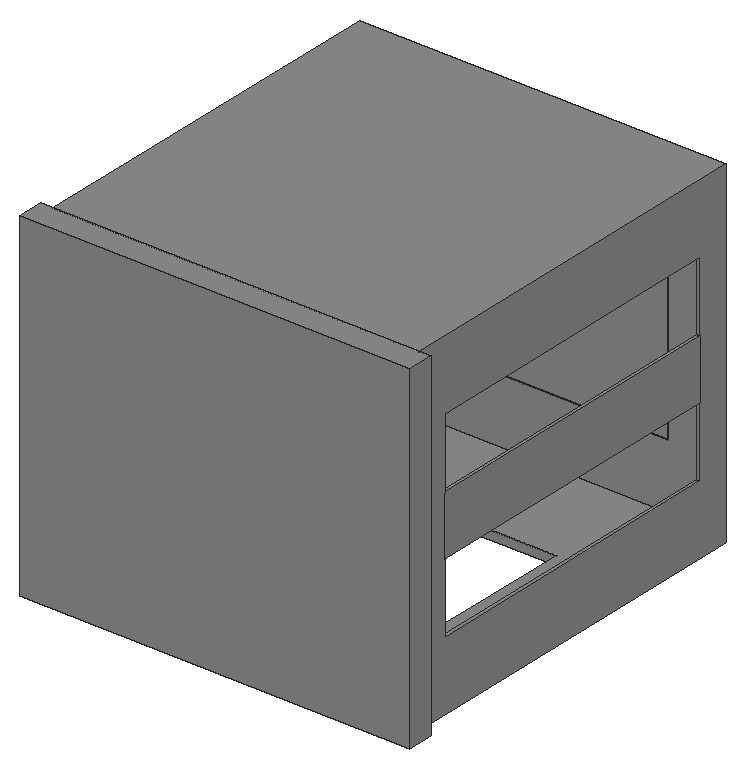
Revit family
Parameters (values of type "5-8 - Solid Door")
  ecoScorecard = "http://ecoscorecard.com"
  Warranty URL = "http://www.middleatlantic.com/warranty.htm"
  Usable Depth = 20.000"
  URL = "http://www.middleatlantic.com/"
  UL Listings = "400"  # constant formula
  Type Comments = ""
  Top Offset = 9.938"
  Technical Info URL = "http://www2.middleatlantic.com/specs/ae/96-037.aspx\r\n"
  Subcategory = "Communication Racks"  # constant formula
  Static Load Capacity = 1000.00 lbf  # constant formula
  Solid = yes
  Side Panels [instance] = no
  Side Panel Options = "Steel, thermolaminate"  # constant formula
  Seismic Certified Capacity = 1175.00 lbf  # constant formula
  Seismic Certifications = "UBC IBC CBC ASCE and NFPA Zone 4 and Use Group III"  # constant formula
  SMARTBIM URL = "http://www.SMARTBIM.com"
  SMARTBIM Object Version = 3  # constant formula
  SMARTBIM Object Created By = "SMARTBIM, LLC"  # constant formula
  SMARTBIM Contact = "mailto:SMARTBIM@SMARTBIM.com"
  Rackspaces = 8
  Racking Height = 14.000"
  Product Page URL = "http://www.middleatlantic.com/enclosure/knock/slim5.htm"
  Plexi = no
  Overall Width = 19.125"  # constant formula
  Overall Height = 17.750"
  Overall Depth = 20.000"
  No Door = no
  Model = "5-14"
  Material = "Steel"  # constant formula
  Manufacturer Toll Free Phone = "800-266-7225"  # constant formula
  Manufacturer Phone = "(973) 839-1011"  # constant formula
  Manufacturer Fax = "(973) 831-4982"  # constant formula
  Manufacturer Email = "mailto:info@middleatlantic.com"
  Manufacturer Address = "300 Fairfield Road, Fairfield, NJ 07004, U.S.A."  # constant formula
  Manufacturer = "Middle Atlantic Products, Inc."  # constant formula
  Keynote = ""
  Electrical Knockout Sizes = "1/2”, 3/4”"  # constant formula
  Door Height = Overall Height - (2 * 1.884")  # 13.982"
  Description = "14 SPACE (24 1/2”) READY-TO-ASSEMBLE RACK FRAME, 20\" DEEP\r\n"
  Cost Info = "info@middleatlantic.com"
  Color Availability = "Black textured powdercoat"  # constant formula
  Assembly Code = "D5030600"
  95 CSI = "16700"  # constant formula
  04 CSI = "27 11 16"  # constant formula
Types (36): name | Usable Depth | Top Offset | Solid | Rackspaces | Racking Height | Plexi | Overall Height | Overall Depth | No Door | Model | Door Height | Description
  5-8 - Plexi Door | 20.000" | 9.938" | no | 8 | 14.000" | yes | 17.750" | 20.000" | no | "5-14" | 13.982" | "14 SPACE (24 1/2”) READY-TO-ASSEMBLE RACK FRAME, 20\" DEEP\r\n"
  5-14-26 - Plexi Door | 26.000" | 13.438" | no | 14 | 24.500" | yes | 28.250" | 26.000" | no | "5-14-26" | 24.482" | "14 SPACE (24 1/2”) READY-TO-ASSEMBLE RACK FRAME, 26\" DEEP"
  5-21-26 - Plexi Door | 26.000" | 15.188" | no | 21 | 36.750" | yes | 40.500" | 26.000" | no | "5-21-26" | 36.732" | "21 SPACE (36 3/4”) READY-TO-ASSEMBLE RACK FRAME, 26” DEEP"
  5-29-26 - Plexi Door | 26.000" | 11.688" | no | 29 | 50.750" | yes | 54.500" | 26.000" | no | "5-29-26" | 50.732" | "29 SPACE (50 3/4”) READY-TO-ASSEMBLE RACK FRAME, 26” DEEP"
  5-43 - Plexi Door | 20.000" | 9.938" | no | 43 | 75.250" | yes | 79.000" | 20.000" | no | "5-43" | 75.232" | "43 SPACE (75 1/4”) READY-TO-ASSEMBLE RACK FRAME, 20” DEEP"
  5-21 - Plexi Door | 20.000" | 13.438" | no | 21 | 36.750" | yes | 40.500" | 20.000" | no | "5-21" | 36.732" | "21 SPACE (36 3/4”) READY-TO-ASSEMBLE RACK FRAME, 20” DEEP"
  5-29 - Plexi Door | 20.000" | 15.188" | no | 29 | 50.750" | yes | 54.500" | 20.000" | no | "5-29" | 50.732" | "29 SPACE (50 3/4”) READY-TO-ASSEMBLE RACK FRAME, 20” DEEP"
  5-37 - Plexi Door | 20.000" | 11.688" | no | 37 | 64.750" | yes | 68.500" | 20.000" | no | "5-37" | 64.732" | "37 SPACE (64 3/4”) READY-TO-ASSEMBLE RACK FRAME, 20” DEEP"
  5-43-26 - Plexi Door | 26.000" | 9.938" | no | 43 | 75.250" | yes | 79.000" | 26.000" | no | "5-43-26" | 75.232" | "43 SPACE (75 1/4”) READY-TO-ASSEMBLE RACK FRAME, 26” DEEP"
  5-37-26 - Plexi Door | 26.000" | 11.688" | no | 37 | 64.750" | yes | 68.500" | 26.000" | no | "5-37-26" | 64.732" | "37 SPACE (64 3/4”) READY-TO-ASSEMBLE RACK FRAME, 26” DEEP"
  5-8-26 - Plexi Door | 26.000" | 9.938" | no | 8 | 14.000" | yes | 17.750" | 26.000" | no | "5-8-26" | 13.982" | "8 SPACE (14”) READY-TO-ASSEMBLE RACK FRAME, 26” DEEP"
  5-14 - Plexi Door | 20.000" | 9.938" | no | 14 | 24.500" | yes | 28.250" | 20.000" | no | "5-14" | 24.482" | "14 SPACE (24 1/2”) READY-TO-ASSEMBLE RACK FRAME, 20\" DEEP\r\n"
  5-14 - Solid Door | 20.000" | 9.938" | yes | 14 | 24.500" | no | 28.250" | 20.000" | no | "5-14" | 24.482" | "14 SPACE (24 1/2”) READY-TO-ASSEMBLE RACK FRAME, 20\" DEEP\r\n"
  5-14-26 - Solid Door | 26.000" | 13.438" | yes | 14 | 24.500" | no | 28.250" | 26.000" | no | "5-14-26" | 24.482" | "14 SPACE (24 1/2”) READY-TO-ASSEMBLE RACK FRAME, 26\" DEEP"
  5-14 - No Door | 20.000" | 9.938" | no | 14 | 24.500" | no | 28.250" | 20.000" | yes | "5-14" | 24.482" | "14 SPACE (24 1/2”) READY-TO-ASSEMBLE RACK FRAME, 20\" DEEP\r\n"
  5-14-26 - No Door | 26.000" | 13.438" | no | 14 | 24.500" | no | 28.250" | 26.000" | yes | "5-14-26" | 24.482" | "14 SPACE (24 1/2”) READY-TO-ASSEMBLE RACK FRAME, 26\" DEEP"
  5-21 - Solid Door | 20.000" | 13.438" | yes | 21 | 36.750" | no | 40.500" | 20.000" | no | "5-21" | 36.732" | "21 SPACE (36 3/4”) READY-TO-ASSEMBLE RACK FRAME, 20” DEEP"
  5-21 - No Door | 20.000" | 13.438" | no | 21 | 36.750" | no | 40.500" | 20.000" | yes | "5-21" | 36.732" | "21 SPACE (36 3/4”) READY-TO-ASSEMBLE RACK FRAME, 20” DEEP"
  5-21-26 - Solid Door | 26.000" | 15.188" | yes | 21 | 36.750" | no | 40.500" | 26.000" | no | "5-21-26" | 36.732" | "21 SPACE (36 3/4”) READY-TO-ASSEMBLE RACK FRAME, 26” DEEP"
  5-21-26 - No Door | 26.000" | 15.188" | no | 21 | 36.750" | no | 40.500" | 26.000" | yes | "5-21-26" | 36.732" | "21 SPACE (36 3/4”) READY-TO-ASSEMBLE RACK FRAME, 26” DEEP"
  5-29 - Solid Door | 20.000" | 15.188" | yes | 29 | 50.750" | no | 54.500" | 20.000" | no | "5-29" | 50.732" | "29 SPACE (50 3/4”) READY-TO-ASSEMBLE RACK FRAME, 20” DEEP"
  5-29 - No Door | 20.000" | 15.188" | no | 29 | 50.750" | no | 54.500" | 20.000" | yes | "5-29" | 50.732" | "29 SPACE (50 3/4”) READY-TO-ASSEMBLE RACK FRAME, 20” DEEP"
  5-29-26 - Solid Door | 26.000" | 11.688" | yes | 29 | 50.750" | no | 54.500" | 26.000" | no | "5-29-26" | 50.732" | "29 SPACE (50 3/4”) READY-TO-ASSEMBLE RACK FRAME, 26” DEEP"
  5-29-26 - No Door | 26.000" | 11.688" | no | 29 | 50.750" | no | 54.500" | 26.000" | yes | "5-29-26" | 50.732" | "29 SPACE (50 3/4”) READY-TO-ASSEMBLE RACK FRAME, 26” DEEP"
  5-37 - Solid Door | 20.000" | 11.688" | yes | 37 | 64.750" | no | 68.500" | 20.000" | no | "5-37" | 64.732" | "37 SPACE (64 3/4”) READY-TO-ASSEMBLE RACK FRAME, 20” DEEP"
  5-37 - No Door | 20.000" | 11.688" | no | 37 | 64.750" | no | 68.500" | 20.000" | yes | "5-37" | 64.732" | "37 SPACE (64 3/4”) READY-TO-ASSEMBLE RACK FRAME, 20” DEEP"
  5-37-26 - Solid Door | 26.000" | 11.688" | yes | 37 | 64.750" | no | 68.500" | 26.000" | no | "5-37-26" | 64.732" | "37 SPACE (64 3/4”) READY-TO-ASSEMBLE RACK FRAME, 26” DEEP"
  5-37-26 - No Door | 26.000" | 11.688" | no | 37 | 64.750" | no | 68.500" | 26.000" | yes | "5-37-26" | 64.732" | "37 SPACE (64 3/4”) READY-TO-ASSEMBLE RACK FRAME, 26” DEEP"
  5-43 - Solid Door | 20.000" | 9.938" | yes | 43 | 75.250" | no | 79.000" | 20.000" | no | "5-43" | 75.232" | "43 SPACE (75 1/4”) READY-TO-ASSEMBLE RACK FRAME, 20” DEEP"
  5-43 - No Door | 20.000" | 9.938" | no | 43 | 75.250" | no | 79.000" | 20.000" | yes | "5-43" | 75.232" | "43 SPACE (75 1/4”) READY-TO-ASSEMBLE RACK FRAME, 20” DEEP"
  5-43-26 - Solid Door | 26.000" | 9.938" | yes | 43 | 75.250" | no | 79.000" | 26.000" | no | "5-43-26" | 75.232" | "43 SPACE (75 1/4”) READY-TO-ASSEMBLE RACK FRAME, 26” DEEP"
  5-43-26 - No Door | 26.000" | 9.938" | no | 43 | 75.250" | no | 79.000" | 26.000" | yes | "5-43-26" | 75.232" | "43 SPACE (75 1/4”) READY-TO-ASSEMBLE RACK FRAME, 26” DEEP"
  5-8 - Solid Door | 20.000" | 9.938" | yes | 8 | 14.000" | no | 17.750" | 20.000" | no | "5-14" | 13.982" | "14 SPACE (24 1/2”) READY-TO-ASSEMBLE RACK FRAME, 20\" DEEP\r\n"
  5-8 - No Door | 20.000" | 9.938" | no | 8 | 14.000" | no | 17.750" | 20.000" | yes | "5-14" | 13.982" | "14 SPACE (24 1/2”) READY-TO-ASSEMBLE RACK FRAME, 20\" DEEP\r\n"
  5-8-26 - Solid Door | 26.000" | 9.938" | yes | 8 | 14.000" | no | 17.750" | 26.000" | no | "5-8-26" | 13.982" | "8 SPACE (14”) READY-TO-ASSEMBLE RACK FRAME, 26” DEEP"
  5-8-26 - No Door | 26.000" | 9.938" | no | 8 | 14.000" | no | 17.750" | 26.000" | yes | "5-8-26" | 13.982" | "8 SPACE (14”) READY-TO-ASSEMBLE RACK FRAME, 26” DEEP"
Reference planes (in)
  plane 1 "Center (Front/Back)": y = 0
  plane 2 "Bottom": z = 0
  plane 3 "Center (Left/Right)": x = 0
  plane 4: y = 10
  plane 5: y = -10
  plane 6: x = -9.5625
  plane 7: x = 9.5625
  plane 8: z = 17.75
  plane 9: x = -8.125
  plane 10: x = 8.125
  plane 11: x = -8.1055
  plane 12: x = 8.1055
  plane 13: y = -8.68673
  plane 14: y = 8.68673
  plane 15: x = 8.8305
  plane 16: x = -6.9615
  plane 17: x = 6.9615
  plane 18: y = 9.263
  plane 19: y = -9.263
  plane 20: z = -13.188
  plane 21: z = 30.938
  plane 22: z = 14.115
  plane 23: z = 3.635
  plane 24: x = -9.4015
  plane 25: y = -18.67508
  plane 26: x = 9.4015
  plane 27: y = 9.839
  plane 28: y = -9.839
  plane 29: y = 27.798
  plane 30: z = 16.732
  plane 31: z = 14.982
  plane 32 "Bottom of Void": z = 0.5
  plane 33 "Top of Void": z = 17.25
  plane 34: y = 8.335
  plane 35: y = -8.335
  plane 36: z = 8.875
  plane 37: z = 10.4375
  plane 38: z = 7.3125
  plane 39: y = 4.199
  plane 40: y = -4.512
  plane 41: x = -5.3745
  plane 42: x = 5.3745
  plane 43: x = -8.8985
  plane 44: x = 8.8985
  plane 45: z = 1.884
  plane 46: z = 15.866
  plane 47: x = -10.1875
  plane 48: x = 10.1875
Forms (in)
  Extrusion 1, solid, material "Steel"
    sketch origin (0, -12.7375, 84.28125) x (0, -1, 0) y (1, 0, 0)
      loop
        line (-22.7375, -9.5625) -> (-2.7375, -9.5625) -> (-2.7375, 9.5625) -> (-22.7375, 9.5625) -> (-22.7375, -9.5625)
    from -84.28125 to -66.53125
  Extrusion 2, void
    sketch origin (0, -12.7375, 84.28125) x (0, -1, 0) y (1, 0, 0)
      loop
        line (-22.5765, -9.4015) -> (-4.05077, -9.4015) -> (-4.05077, 9.4015) -> (-22.5765, 9.4015) -> (-22.5765, -9.4015)
    from -83.78125 to -67.03125
  Extrusion 3, void
    sketch origin (6.88258, -3.2207, 48) x (-1, 0, 0) y (0, 0, 1)
      loop
        line (15.78108, -46.116) -> (15.78108, -32.134) -> (-2.01592, -32.134) -> (-2.01592, -46.116) -> (15.78108, -46.116)
    from -5.46603 to -6.7793
  Extrusion 4, void
    sketch origin (0, 0, 0) x (0, 1, 0) y (0, 0, 1)
      loop
        line (8.335, 14.115) -> (-8.335, 14.115) -> (-8.335, 3.635) -> (8.335, 3.635) -> (8.335, 14.115)
    from -9.5625 to 9.5625
  Extrusion 5, void
    sketch origin (0, -12.7375, 84.28125) x (0, -1, 0) y (1, 0, 0)
      loop
        line (-8.2255, 5.3745) -> (-16.9365, 5.3745) -> (-16.9365, -5.3745) -> (-8.2255, -5.3745) -> (-8.2255, 5.3745)
    from -84.28125 to -80.64625
  Sweep 6, void
    path origin (9.5625, 10, 84.28125) x (-1, 0, 0) y (0, 0, 1)
      loop
        line (16.524, -70.16625) -> (2.601, -70.16625) -> (2.601, -80.64625) -> (16.524, -80.64625) -> (16.524, -70.16625)
    profile origin (0, 10, 14.115) x (0, 0, -1) y (0, 1, 0)
      loop
        line (0, 0.10079) -> (0, 0)
        arc (0, 0) -> (0.17678, -0.07322) -> (0.25, -0.25) r 0.25
        line (0.25, -0.25) -> (0.25, -0.38358) -> (0.28457, -0.38358) -> (0.28457, 0.10079) -> (0, 0.10079)
  Extrusion 7, solid, material "Steel"
    sketch origin (0, 0, 0) x (0, 1, 0) y (0, 0, -1)
      loop
        line (8.335, -10.4375) -> (8.335, -7.3125) -> (-8.335, -7.3125) -> (-8.335, -10.4375) -> (8.335, -10.4375)
    from 9.4015 to 9.5625
  Extrusion 8, solid, material "Steel"
    sketch origin (0, 0, 0) x (0, 1, 0) y (0, 0, 1)
      loop
        line (8.335, 10.4375) -> (-8.335, 10.4375) -> (-8.335, 7.3125) -> (8.335, 7.3125) -> (8.335, 10.4375)
    from 9.4015 to 9.5625
  Extrusion 9, solid, material "Steel", visible <- "Side Panels"
    sketch origin (0, 0, 0) x (1, 0, 0) y (0, 1, 0)
      loop
        line (-10.1875, -10) -> (-9.5625, -10) -> (-9.5625, 10) -> (-10.1875, 10) -> (-10.1875, -10)
      loop
        line (10.1875, 10) -> (9.5625, 10) -> (9.5625, -10) -> (10.1875, -10) -> (10.1875, 10)
    from 0 to 17.75
Cuts and joins
  Extrusion 2, Extrusion 3, Extrusion 4, Extrusion 5, Sweep 6 cuts Extrusion 1
Lines and regions (in)
  reference lines
    curve 1: line (9.00547, 3.2207, 29.86607) -> (7.87547, 3.2207, 29.86607)
    curve 2: line (9.00547, 3.2207, 11.06389) -> (7.87547, 3.2207, 11.06389)
    curve 3: line (9.00547, 3.2207, 0.53571) -> (7.87547, 3.2207, 0.53571)
    curve 4: line (9.00547, 3.2207, 33.36607) -> (7.87547, 3.2207, 33.36607)
    curve 5: line (9.00547, 3.2207, 14.35407) -> (7.87547, 3.2207, 14.35407)
  reference lines, not visible
    curve 6: line (0, 2.15763, 13.038) -> (0, -1.84237, 13.038)
    curve 7: line (0, 2.15763, 4.45575) -> (0, -1.84237, 4.45575)
  symbolic lines
    curve 8: line (6.9615, 10, 84.28125) -> (6.80044, 10, 84.28125)
    curve 9: line (-10.1875, 10, 0) -> (-10.1875, -10, 0)
    curve 10: line (10.1875, -10, 0) -> (-10.1875, -10, 0)
    curve 11: line (10.1875, 10, 0) -> (-10.1875, 10, 0)
    curve 12: line (10.1875, -10, 0) -> (10.1875, 10, 0)
Dimensions and locks (in)
  equal spacing: curve 6, curve 7, plane 2 "Bottom"
  equal spacing: plane 5, plane 1 "Center (Front/Back)", plane 4
  "Overall Depth": plane 5 to plane 4
  equal spacing: plane 6, plane 3 "Center (Left/Right)", plane 7
  "Overall Width": plane 6 to plane 7
  "Overall Height": plane 8 to level
  locked: plane 9 to plane 6 at 1.4375
  locked: plane 10 to plane 7 at 1.4375
  plane 3 "Center (Left/Right)" to Extrusion 1 = 9.5625"
  locked: plane 6 to plane 11 at 1.457
  locked: plane 12 to plane 7 at 1.457
  locked: plane 5 to plane 13 at 1.31327
  locked: plane 4 to plane 14 at 1.31327
  locked: plane 15 to plane 7 at 0.732
  locked: plane 11 to plane 16 at 1.144
  locked: plane 17 to plane 12 at 1.144
  locked: plane 18 to plane 4 at 0.737
  locked: plane 5 to plane 19 at 0.737
  locked: plane 8 to plane 22 at 3.635
  locked: plane 23 to level at 3.635
  locked: plane 6 to plane 24 at 0.161
  locked: plane 26 to plane 7 at 0.161
  locked: plane 4 to plane 27 at 0.161
  locked: plane 5 to plane 28 at 0.161
  locked: Sweep 6 sketch curve to plane 4 at 0.10079
  plane 4 to Sweep 6 sketch curve to Sweep 6 sketch curve = 0.250" locked, 0.13358" locked
  locked: profile plane to Sweep 6 sketch curve at 0.28457
  locked: plane 29 to plane 4 at 17.798
  locked: plane 8 to plane 30 at 1.018
  locked: plane 31 to plane 22 at 0.867
  locked: plane 32 "Bottom of Void" to level at 0.5
  locked: plane 8 to plane 33 "Top of Void" at 0.5
  locked: plane 4 to plane 34 at 1.665
  locked: plane 35 to plane 5 at 1.665
  equal spacing: plane 23, plane 36, plane 22
  locked: plane 37 to plane 36 at 1.5625
  locked: plane 36 to plane 38 at 1.5625
  locked: plane 4 to plane 39 at 5.801
  locked: plane 40 to plane 5 at 5.488
  locked: plane 42 to plane 7 at 4.188
  locked: plane 6 to plane 41 at 4.188
  locked: plane 43 to plane 6 at 0.664
  locked: plane 44 to plane 7 at 0.664
  locked: plane 45 to level at 1.884
  locked: plane 8 to plane 46 at 1.884
  locked: plane 47 to plane 6 at 0.625
  locked: plane 7 to plane 48 at 0.625
  aligned and locked: Extrusion 1 sketch curve to plane 6
  aligned and locked: Extrusion 1 sketch curve to plane 4
  aligned and locked: Extrusion 1 sketch curve to plane 7
  aligned and locked: plane 5 to Extrusion 1 sketch curve
  aligned and locked: Extrusion 1 to level
  aligned and locked: plane 8 to Extrusion 1
  aligned and locked: Extrusion 2 sketch curve to plane 24
  aligned and locked: plane 26 to Extrusion 2 sketch curve
  aligned and locked: Extrusion 2 sketch curve to plane 27
  aligned: Extrusion 2 to plane 23
  aligned: Extrusion 2 to plane 22
  aligned and locked: plane 13 to Extrusion 2 sketch curve
  aligned: Extrusion 3 to plane 5
  aligned: cut or joined group of Extrusion 1, Extrusion 2, Extrusion 3, Extrusion 4, Extrusion 5, Sweep 6 to plane 22
  aligned and locked: plane 22 to Extrusion 4 sketch curve
  aligned and locked: Extrusion 4 sketch curve to plane 23
  aligned and locked: Extrusion 4 to plane 6
  aligned and locked: plane 7 to Extrusion 4
  aligned and locked: plane 23 to Extrusion 5
  aligned and locked: Extrusion 5 to level
  aligned and locked: Sweep 6 sketch curve to plane 22
  aligned and locked: plane 17 to Sweep 6 sketch curve
  aligned and locked: Sweep 6 sketch curve to plane 16
  aligned and locked: plane 23 to Sweep 6 sketch curve
  aligned and locked: curve 8 to plane 4
  aligned and locked: Extrusion 2 to plane 32 "Bottom of Void"
  aligned and locked: plane 33 "Top of Void" to Extrusion 2
  aligned and locked: Extrusion 4 sketch curve to plane 34
  aligned and locked: plane 35 to Extrusion 4 sketch curve
  aligned and locked: plane 24 to Extrusion 7
  aligned and locked: Extrusion 7 to plane 6
  aligned and locked: plane 7 to Extrusion 8
  aligned and locked: plane 26 to Extrusion 8
  aligned and locked: plane 40 to Extrusion 5 sketch curve
  aligned and locked: Extrusion 5 sketch curve to plane 39
  aligned and locked: Extrusion 5 sketch curve to plane 41
  aligned and locked: Extrusion 5 sketch curve to plane 42
  aligned and locked: plane 43 to Extrusion 3 sketch curve
  aligned and locked: Extrusion 3 sketch curve to plane 44
  aligned and locked: Extrusion 3 sketch curve to plane 45
  aligned and locked: Extrusion 3 sketch curve to plane 46
  aligned and locked: Extrusion 3 to plane 13
  aligned and locked: Extrusion 3 to plane 5
  aligned and locked: plane 37 to Extrusion 8 sketch curve
  aligned and locked: plane 38 to Extrusion 8 sketch curve
  aligned and locked: plane 34 to Extrusion 8 sketch curve
  aligned and locked: Extrusion 8 sketch curve to plane 35
  aligned: nested 1 to plane 3 "Center (Left/Right)"
  aligned and locked: plane 3 "Center (Left/Right)" to nested 1
  aligned and locked: nested 1 to plane 5
  aligned and locked: Extrusion 9 sketch curve to plane 47
  aligned and locked: Extrusion 9 sketch curve to plane 4
  aligned and locked: Extrusion 9 sketch curve to plane 6
  aligned and locked: plane 5 to Extrusion 9 sketch curve
  aligned and locked: Extrusion 9 sketch curve to plane 7
  aligned and locked: Extrusion 9 sketch curve to plane 48
  aligned and locked: plane 8 to Extrusion 9
  aligned and locked: Extrusion 9 to level
  aligned and locked: curve 9 to Extrusion 9
  aligned and locked: plane 5 to curve 10
  aligned and locked: curve 11 to plane 4
  aligned and locked: curve 12 to plane 48
Automatic sketch dimensions
  curve 8 to plane 17 = 0.000"
  curve 8 to plane 17 = 0.16106"
  plane 15 to curve 1 = 0.17497"
  plane 15 to curve 4 = 0.17497"
  plane 15 to curve 2 = 0.17497"
  curve 3 to plane 32 "Bottom of Void" = 0.03571"
  plane 15 to curve 3 = 0.17497"
  plane 15 to curve 5 = 0.17497"
  plane 12 to curve 1 = 0.23003"
  plane 12 to curve 4 = 0.23003"
  plane 12 to curve 3 = 0.23003"
  plane 12 to curve 2 = 0.23003"
  plane 12 to curve 5 = 0.23003"
  curve 2 to plane 37 = 0.62639"
  plane 22 to curve 5 = 0.23907"
  plane 21 to curve 1 = 1.07193"
  curve 4 to plane 21 = 2.42807"
  plane 1 "Center (Front/Back)" to curve 6 = 1.84237"
  plane 23 to curve 7 = 0.82075"
  plane 1 "Center (Front/Back)" to curve 7 = 1.84237"
  curve 7 to plane 1 "Center (Front/Back)" = 2.15763"
  plane 22 to curve 6 = 1.077"
  curve 6 to plane 1 "Center (Front/Back)" = 2.15763"
  Sweep 6 sketch curve to profile plane = 0.000"  (x2)
  Extrusion 7 sketch curve to plane 35 = 0.000"
  Extrusion 7 sketch curve to plane 34 = 0.000"
  Extrusion 7 sketch curve to plane 37 = 0.000"
  Extrusion 7 sketch curve to plane 38 = 0.000"
  plane 4 to Extrusion 9 sketch curve = 0.000"
  Extrusion 9 sketch curve to plane 5 = 0.000"
  plane 47 to curve 11 = 0.000"
Nested families (in)
  nested 1: "Door-Comunications-Rack_Flat_MiddleAtlantic" at (0, -10, 0), Overall Height <- "Overall Height", type "Plexi"
    with Overall Height 17.750", Void Depth 0.200", Solid yes, Plexi no
Definition of nested family "Door-Comunications-Rack_Flat_MiddleAtlantic"
  Parameters (values of type "Plexi")
    ecoScorecard = "http://ecoscorecard.com"
    Width = 20.375"  # constant formula
    Warranty URL = "http://www.middleatlantic.com/warranty.htm"
    Void Depth = if(Plexi, 0.500", 0.200")  # 0.500"
    URL = "http://www.middleatlantic.com/"
    Technical Info URL = "http://www2.middleatlantic.com/specs/ae/96-01149.aspx"
    Subcategory = "Communication Racks"  # constant formula
    Solid = no
    SMARTBIM URL = "http://www.SMARTBIM.com"
    SMARTBIM Object Version = 3  # constant formula
    SMARTBIM Object Created By = "SMARTBIM, LLC"  # constant formula
    SMARTBIM Contact = "mailto:SMARTBIM@SMARTBIM.com"
    Product Page URL = "http://www.middleatlantic.com/enclosure/gang/bgr.htm"
    Plexi = yes
    Panel Material = Steel
    Overall Height [instance] = 28.250"
    No Door = no
    Model = "Beveled"  # constant formula
    Material = "Steel"  # constant formula
    Manufacturer Toll Free Phone = "800-266-7225"  # constant formula
    Manufacturer Phone = "(973) 839-1011"  # constant formula
    Manufacturer Fax = "(973) 831-4982"  # constant formula
    Manufacturer Email = "mailto:info@middleatlantic.com"
    Manufacturer Address = "300 Fairfield Road, Fairfield, NJ 07004, U.S.A."  # constant formula
    Manufacturer = "Middle Atlantic Products, Inc. "  # constant formula
    Frame Material = Steel
    Door Present = not(No Door)  # yes
    Description = "Communications Rack Door"  # constant formula
    Cost Info = "info@middleatlantic.com"
    Color Availability = "Black textured powdercoat"  # constant formula
    Assembly Code = "D5030600"
    95 CSI = "16700"  # constant formula
    04 CSI = "27 11 16"  # constant formula
  Reference planes (in)
    plane 1 "Center (Front/Back)": y = 0
    plane 2: z = 0
    plane 3 "Center (Left/Right)": x = 0
    plane 4: z = 0.125
    plane 5: z = 28.25
    plane 6: z = 14.125
    plane 7: x = -10.1875
    plane 8: x = 10.1875
    plane 9: x = -3
    plane 10: x = 3
    plane 11: z = 19.25
    plane 12: x = -5.0661
    plane 13: x = 5.0661
    plane 14 "Front Edge": y = -1.37
    plane 15: y = -1.12
    plane 16 "Void Starting Point": y = -1.62
    plane 17: z = 1.9818
    plane 18: x = -8.2233
    plane 19: x = 3.3161
    plane 20: x = -3.3161
    plane 21: z = 26.286
    plane 22: z = 1.964
    plane 23: x = 8.2055
    plane 24: x = 6.2055
    plane 25: z = 18.325
    plane 26: z = 9.925
    plane 27: z = 11.525
    plane 28: z = 16.725
  Forms (in)
    Extrusion 1, solid, material "Steel" <- "Frame Material", visible <- "Door Present"
      sketch origin (0, 0, 0) x (1, 0, 0) y (0, 1, 0)
        loop
          line (-10.1875, 0) -> (-10.1875, -1.37) -> (10.1875, -1.37) -> (10.1875, 0) -> (-10.1875, 0)
      from 0 to 28.25
    Extrusion 2, void
      sketch origin (0, 0, 0) x (1, 0, 0) y (0, 0, 1)
        loop
          line (7.4555, 26.286) -> (-7.4733, 26.286)
          arc (-7.4733, 26.286) -> (-8.00363, 26.06633) -> (-8.2233, 25.536) r 0.75
          line (-8.2233, 25.536) -> (-8.2233, 2.714)
          arc (-8.2233, 2.714) -> (-8.00363, 2.18367) -> (-7.4733, 1.964) r 0.75
          line (-7.4733, 1.964) -> (7.4555, 1.964)
          arc (7.4555, 1.964) -> (7.98583, 2.18367) -> (8.2055, 2.714) r 0.75
          line (8.2055, 2.714) -> (8.2055, 9.925) -> (6.3135, 9.925)
          arc (6.3135, 9.925) -> (5.34123, 10.32773) -> (4.9385, 11.3) r 1.375
          line (4.9385, 11.3) -> (4.9385, 16.95)
          arc (4.9385, 16.95) -> (5.34123, 17.92227) -> (6.3135, 18.325) r 1.375
          line (6.3135, 18.325) -> (8.2055, 18.325) -> (8.2055, 25.536)
          arc (8.2055, 25.536) -> (7.98583, 26.06633) -> (7.4555, 26.286) r 0.75
      from 1.12 to 1.62
  Cuts and joins
    Extrusion 2 cuts Extrusion 1
  Lines and regions (in)
    model lines, visible <- "Door Present"
      curve 1: line (7.3749, -1.37, 16.725) -> (5.9534, -1.37, 16.725)
      curve 2: line (7.3749, -1.37, 16.725) -> (7.3749, -1.37, 11.525)
      curve 3: line (7.3749, -1.37, 11.525) -> (5.9534, -1.37, 11.525)
      curve 4: line (5.9534, -1.37, 16.725) -> (5.9534, -1.37, 11.525)
    symbolic lines, visible <- "Door Present"
      curve 5: line (-10.1875, 0, 0) -> (-11.47488, 0.46857, 0)
      curve 6: line (-11.47488, 0.46857, 0) -> (-18.44354, -18.67767, 0)
      curve 7: line (-18.44354, -18.67767, 0) -> (-17.15616, -19.14624, 0)
      curve 8: line (-17.15616, -19.14624, 0) -> (-10.1875, 0, 0)
      curve 9: arc (-17.15616, -19.14624, 0) -> (1.49912, -16.69022, 0) -> (10.1875, 0, 0) r 20.375
      curve 10: line (10.1875, 0, 0) -> (-10.1875, 0, 0)
  Dimensions and locks (in)
    locked: plane 4 to level at 0.125
    equal spacing: plane 5, plane 6, level
    "Overall Height": plane 5 to level
    equal spacing: plane 7, plane 3 "Center (Left/Right)", plane 8
    "Width": plane 7 to plane 8
    locked: plane 3 "Center (Left/Right)" to plane 9 at 3
    locked: plane 10 to plane 3 "Center (Left/Right)" at 3
    locked: curve 6 to curve 8 at 1.37
    locked: plane 14 "Front Edge" to plane 16 "Void Starting Point" at 0.25
    "Void Depth": plane 16 "Void Starting Point" to plane 15
    locked: plane 17 to level at 1.9818
    locked: plane 18 to plane 7 at 1.9642
    locked: plane 12 to plane 18 at 3.1572
    locked: plane 13 to plane 19 at 1.75
    locked: plane 12 to plane 20 at 1.75
    equal spacing: Extrusion 2 sketch curve, plane 6, Extrusion 2 sketch curve
    locked: curve 4 to curve 2 at 1.4215
    plane 5 to Extrusion 2 sketch curve = 1.964"
    plane 5 to plane 21 = 1.964"
    locked: plane 22 to level at 1.964
    Extrusion 2 sketch curve to plane 6 = 4.200"
    plane 23 to plane 8 = 1.982"
    locked: plane 23 to Extrusion 2 sketch curve at 3.267
    locked: plane 23 to curve 2 at 0.8306
    locked: plane 24 to plane 8 at 3.982
    locked: plane 25 to plane 6 at 4.2
    locked: plane 6 to plane 26 at 4.2
    locked: plane 6 to plane 27 at 2.6
    locked: plane 28 to plane 6 at 2.6
    aligned and locked: cut or joined group of Extrusion 1, Extrusion 2 to plane 5
    aligned: cut or joined group of Extrusion 1, Extrusion 2 to Extrusion 2
    aligned and locked: plane 7 to curve 8
    aligned and locked: plane 1 "Center (Front/Back)" to curve 5
    aligned and locked: Extrusion 2 to plane 16 "Void Starting Point"
    aligned and locked: Extrusion 2 to plane 15
    aligned: cut or joined group of Extrusion 1, Extrusion 2 to plane 18
    aligned: plane 17 to Extrusion 2
    aligned and locked: Extrusion 2 sketch curve to plane 22
    aligned and locked: Extrusion 2 sketch curve to plane 23
    aligned and locked: curve 10 to plane 1 "Center (Front/Back)"
    aligned and locked: plane 8 to curve 10
    aligned and locked: plane 25 to Extrusion 2 sketch curve
    aligned and locked: plane 26 to Extrusion 2 sketch curve
    aligned and locked: curve 1 to plane 28
    aligned and locked: plane 27 to curve 3
    aligned and locked: Extrusion 2 sketch curve to plane 18
  Automatic sketch dimensions
    Extrusion 1 sketch curve to plane 7 = 0.000"
    plane 1 "Center (Front/Back)" to Extrusion 1 sketch curve = 0.000"
    Extrusion 1 sketch curve to plane 8 = 0.000"
    plane 1 "Center (Front/Back)" to Extrusion 1 sketch curve = 1.370"
    curve 9 to plane 7 = 0.000"
    curve 6 to plane 1 "Center (Front/Back)" = 0.46857"
    Extrusion 2 sketch curve to plane 23 = 0.000"
    Extrusion 2 sketch curve to plane 12 = 2.4072"  (x2)
    plane 24 to Extrusion 2 sketch curve = 0.108"  (x2)
    Extrusion 2 sketch curve to plane 21 = 0.750"
    Extrusion 2 sketch curve to plane 17 = 0.7322"
